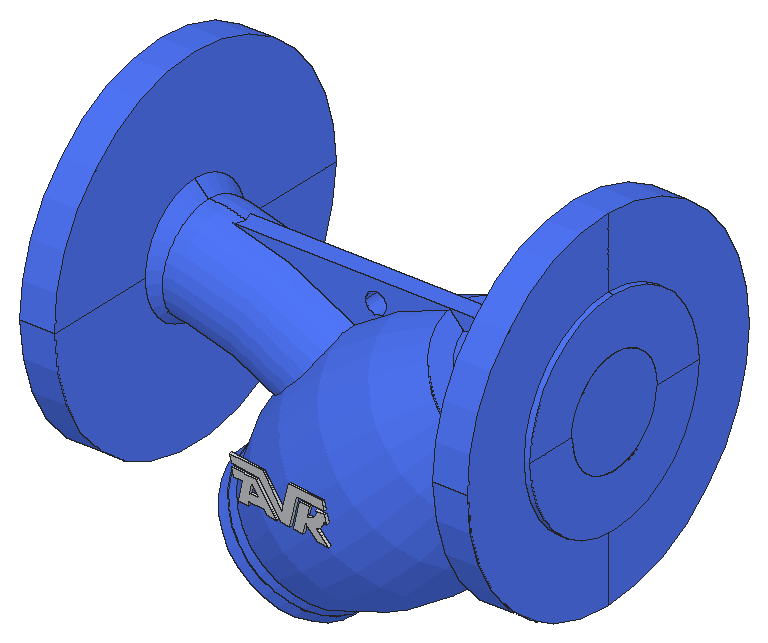
Revit family "910-21-001", category Pipe Accessories, Revit 2019
Family settings
  Round Connector Dimension = Use Diameter
  Part Type = Valve - Breaks Into
  Work Plane-Based = No
  Always vertical = Yes
  Cut with Voids When Loaded = No
  Shared = No
Parameters (values of type "DN050")
  URL product pages = "https://www.avkvalves.com"
  Search_Table = "910-21-001"
  Rib_Thickness = (L5 / 2)  # 9.5 mm
  Rib_Height = Nominal_Diameter - 10 mm  # 40 mm
  Radius = size_lookup(Search_Table, "Radius", 0 mm, Nominal_Diameter)  # 130 mm
  RF_Thick = 3 mm  # constant formula
  RF = D - (size_lookup(Search_Table, "RF", 0 mm, Nominal_Diameter))  # 49.5 mm
  L_Ref = L * 1.2  # 259.2 mm
  L5 = size_lookup(Search_Table, "L5", 0 mm, Nominal_Diameter)  # 19 mm
  L2 = L / 2  # 108 mm
  L = size_lookup(Search_Table, "L", 0 mm, Nominal_Diameter)  # 216 mm
  ID = size_lookup(Search_Table, "DN", 0 mm, Nominal_Diameter) / 2  # 25 mm
  Hole = size_lookup(Search_Table, "Hole", 0 mm, Nominal_Diameter)  # 10 mm
  H = size_lookup(Search_Table, "H", 0 mm, Nominal_Diameter)  # 161 mm
  Flange_Thickness_gap = 0.2 mm  # constant formula
  Distance_4 = size_lookup(Search_Table, "Distance_4", 0 mm, Nominal_Diameter)  # 85 mm
  Distance_3 = size_lookup(Search_Table, "Distance_3", 0 mm, Nominal_Diameter)  # 7.5 mm
  Distance_2 = size_lookup(Search_Table, "Distance_2", 0 mm, Nominal_Diameter)  # 60 mm
  Distance_1 = size_lookup(Search_Table, "Distance_1", 0 mm, Nominal_Diameter)  # 30 mm
  Dia_1 = size_lookup(Search_Table, "Dia_1", 0 mm, Nominal_Diameter)  # 37.5 mm
  Description_ = "AVK Y-STRAINER"
  DN80_PN10/16 = "910-0080-21-011020004"
  DN80 = no
  DN65_PN10/16 = "910-0065-21-011020004"
  DN65 = no
  DN600_PN16 = "910-0600-21-311020004"
  DN600_PN10 = "910-0600-21-011020004"
  DN600 = no
  DN50_PN10/16 = "910-0050-21-011020004"
  DN500_PN16 = "910-0500-21-311020004"
  DN500_PN10 = "910-0500-21-011020004"
  DN500 = no
  DN50 = yes
  DN450_PN16 = "910-0450-21-311020004"
  DN450_PN10 = "910-0450-21-011020004"
  DN450 = no
  DN400_PN16 = "910-0400-21-311020004"
  DN400_PN10 = "910-0400-21-011020004"
  DN400 = no
  DN350_PN16 = "910-0350-21-311020004"
  DN350_PN10 = "910-0350-21-011020004"
  DN350 = no
  DN300_PN16 = "910-0300-21-311020004"
  DN300_PN10 = "910-0300-21-011020004"
  DN300 = no
  DN250_PN16 = "910-0250-21-311020004"
  DN250_PN10 = "910-0250-21-011020004"
  DN250 = no
  DN200_PN16 = "910-0200-21-311020004"
  DN200_PN10 = "910-0200-21-011020004"
  DN200 = no
  DN150_PN10/16 = "910-0150-21-011020004"
  DN150 = no
  DN125_PN10/16 = "910-0125-21-011020004"
  DN125 = no
  DN100_PN10/16 = "910-0100-21-011020004"
  DN100 = no
  Nominal_Diameter = 50 mm
  DN = 50 mm
  D = size_lookup(Search_Table, "D", 0 mm, Nominal_Diameter) / 2  # 82.5 mm
  Bottom_Flange_Tickness = size_lookup(Search_Table, "Bottom_Flange_Tickness", 0 mm, Nominal_Diameter)  # 6 mm
  Bottom_Flange = size_lookup(Search_Table, "Bottom_Flange", 0 mm, Nominal_Diameter)  # 37 mm
Types (15, lengths in mm): name | URL product pages | Rib_Thickness | Rib_Height | Radius | RF | L_Ref | L5 | L2 | L | ID | Hole | H | Distance_4 | Distance_3 | Distance_2 | Distance_1 | Dia_1 | DN80 | DN600 | DN500 | DN50 | DN450 | DN400 | DN350 | DN300 | DN250 | DN150 | DN125 | DN100 | Nominal_Diameter | DN | D | Bottom_Flange_Tickness | Bottom_Flange
  (no name) | "https://www.avkvalves.com" | 9.5 | 40 | 130 | 49.5 | 259.2 | 19 | 108 | 216 | 25 | 10 | 161 | 85 | 7.5 | 60 | 30 | 37.5 | no | no | no | yes | no | no | no | no | no | no | no | no | 50 | 50 | 82.5 | 6 | 37
  DN100 | "https://www.avkvalves.com" | 9.5 | 90 | 250 | 78 | 366 | 19 | 152.5 | 305 | 50 | 20 | 234 | 151 | 21 | 50 | 45 | 63 | no | no | no | no | no | no | no | no | no | no | no | yes | 100 | 100 | 115 | 13 | 74
  DN065 | "https://www.avkvalves.com" | 9.5 | 55 | 180 | 59 | 289.2 | 19 | 120.5 | 241 | 32.5 | 10 | 161 | 104 | 10 | 54 | 50 | 45 | no | no | no | yes | no | no | no | no | no | no | no | no | 65 | 65 | 92.5 | 8 | 50
  DN080 | "https://www.avkvalves.com" | 9.5 | 70 | 210 | 66 | 339.6 | 19 | 141.5 | 283 | 40 | 15 | 191 | 124 | 15 | 64 | 30 | 52.5 | yes | no | no | no | no | no | no | no | no | no | no | no | 80 | 80 | 100 | 12 | 53
  DN125 | "https://www.avkvalves.com\r\nhttps://www.avkvalves.com\r\n https://www.avkvalves.com" | 9.5 | 115 | 270 | 92 | 457.2 | 19 | 190.5 | 381 | 62.5 | 25 | 260 | 147 | 30 | 65 | 65 | 76 | no | no | no | no | no | no | no | no | no | no | yes | no | 125 | 125 | 125 | 19 | 81
  DN150 | "https://www.avkvalves.com" | 9.5 | 140 | 300 | 105.5 | 483.6 | 19 | 201.5 | 403 | 75 | 25 | 310 | 208 | 10 | 100 | 60 | 88.5 | no | no | no | no | no | no | no | no | no | yes | no | no | 150 | 150 | 142.5 | 23 | 90
  DN200 | "https://www.avkvalves.com" | 10 | 190 | 320 | 133 | 625.2 | 20 | 260.5 | 521 | 100 | 35 | 402 | 256.5 | 30 | 100 | 110 | 115 | no | no | no | no | no | no | no | no | yes | no | no | no | 200 | 200 | 170 | 25 | 120
  DN250 | "https://www.avkvalves.com" | 11 | 240 | 550 | 159.5 | 762 | 22 | 317.5 | 635 | 125 | 40 | 484 | 300 | 40 | 130 | 170 | 145 | no | no | no | no | no | no | no | no | yes | no | no | no | 250 | 250 | 202.5 | 20 | 161
  DN300 | "https://www.avkvalves.com" | 12.25 | 290 | 640 | 197.5 | 898.8 | 24.5 | 374.5 | 749 | 150 | 45 | 576 | 370 | 50 | 130 | 170 | 171.5 | no | no | no | no | no | no | no | yes | no | no | no | no | 300 | 300 | 242.5 | 20 | 195
  DN350 | "https://www.avkvalves.com\r\nhttps://www.avkvalves.com\r\nhttps://www.avkvalves.com" | 13.25 | 340 | 650 | 218 | 914.4 | 26.5 | 381 | 762 | 175 | 50 | 660 | 428 | 50 | 130 | 170 | 210 | no | no | no | no | no | no | yes | no | no | no | no | no | 350 | 350 | 260 | 32 | 225
  DN450 | "https://www.avkvalves.com" | 15 | 440 | 750 | 274 | 1096.8 | 30 | 457 | 914 | 225 | 60 | 810 | 550 | 65 | 150 | 200 | 241.5 | no | no | no | no | yes | no | no | no | no | no | no | no | 450 | 450 | 320 | 23 | 290
  DN500 | "https://www.avkvalves.com\r\nhttps://www.avkvalves.com" | 15.75 | 490 | 800 | 305 | 1189.2 | 31.5 | 495.5 | 991 | 250 | 65 | 883 | 600 | 65 | 170 | 230 | 270 | no | no | yes | no | no | no | no | no | no | no | no | no | 500 | 500 | 357.5 | 23 | 323
  DN600 | "https://www.avkvalves.com" | 18 | 590 | 850 | 363.5 | 1371.6 | 36 | 571.5 | 1143 | 300 | 70 | 1020 | 675 | 70 | 190 | 260 | 320 | no | yes | no | no | no | no | no | no | no | no | no | no | 600 | 600 | 420 | 32 | 397
  DN400 | "https://www.avkvalves.com" | 14 | 390 | 700 | 244 | 1005.6 | 28 | 419 | 838 | 200 | 55 | 740 | 500 | 50 | 130 | 170 | 226 | no | no | no | no | no | yes | yes | no | no | no | no | no | 400 | 400 | 290 | 26 | 280
  DN050 | "https://www.avkvalves.com" | 9.5 | 40 | 130 | 49.5 | 259.2 | 19 | 108 | 216 | 25 | 10 | 161 | 85 | 7.5 | 60 | 30 | 37.5 | no | no | no | yes | no | no | no | no | no | no | no | no | 50 | 50 | 82.5 | 6 | 37
Reference planes
  plane 1 "Center (Front/Back)": y = 0
  plane 2: z = 0
  plane 3 "Center (Left/Right)": x = 0
  plane 4: x = -108
  plane 5: x = 108
  plane 6: x = -108
  plane 7: x = 108
  plane 8: x = -30
  plane 9: z = -7.5
  plane 10: z = -92.5
  plane 11: x = 60
  plane 12: z = -161
  plane 13: y = 4.75
  plane 14: y = -4.75
  plane 15: z = -127.63
  plane 16: x = -30
  plane 17: x = 60
  plane 18: z = -7.5
  plane 19: z = -92.5
  plane 20: x = -129.6
  plane 21: x = 129.6
  plane 22: x = -129.6
  plane 23: x = 129.6
  plane 24: z = 82.5
  plane 25: z = -82.5
Forms (mm)
  Revolve 1, solid, material "Plastic"
    sketch origin (0, 0, 0) x (1, 0, 0) y (0, 1, 0)
      loop
        line (-108, 82.5) -> (-108, 25) -> (-89, 25) -> (-89, 82.5) -> (-108, 82.5)
      loop
        line (89, 82.5) -> (89, 25) -> (108, 25) -> (108, 82.5) -> (89, 82.5)
      axis (-108, 0) -> (108, 0)
    angle from 0 to 360
  Sweep 2, solid, material "Plastic"
    path origin (0, 0, 0) x (1, 0, 0) y (0, 0, 1)
      loop
        arc (108, 0) -> (49.881, -10.071) -> (0, -41.554) r 151.654
    profile origin (49.881, 0, -10.071) x (0.359094, 0, -0.933301) y (0, -1, 0)
      loop
        circle (0, 0) r 25
  Sweep 3, solid, material "Plastic"
    path origin (0, 0, 0) x (-1, 0, 0) y (0, 0, 1)
      loop
        arc (108, 0) -> (49.881, -10.071) -> (0, -41.554) r 151.654
    profile origin (-49.881, 0, -10.071) x (0.359094, 0, 0.933301) y (0, -1, 0)
      loop
        circle (0, 0) r 25
  Revolve 4, solid, material "Plastic"
    sketch origin (0, 0, 0) x (1, 0, 0) y (0, 0, 1)
      loop
        line (-30, -92.5) -> (-4.252, -119.763)
        arc (-4.252, -119.763) -> (51.516, -88.664) -> (85.748, -34.763) r 130
        line (85.748, -34.763) -> (60, -7.5) -> (-30, -92.5)
      axis (60, -7.5) -> (-30, -92.5)
    angle from 0 to 360
  Extrusion 5, solid, material "Plastic"
    sketch origin (0, 0, 0) x (1, 0, 0) y (0, 0, 1)
      loop
        line (-108, -20) -> (108.604, -20) -> (108.604, 20) -> (-108, 20) -> (-108, -20)
    from -4.75 to 4.75
  Revolve 6, solid, material "Plastic"
    sketch origin (0, 0, 0) x (1, 0, 0) y (0, 0, 1)
      loop
        line (-30, -92.5) -> (-34.362, -96.62) -> (-8.957, -123.519) -> (-4.595, -119.399) -> (-30, -92.5)
      loop
        line (-9.102, -123.657) -> (-34.507, -96.757) -> (-38.87, -100.877) -> (-13.464, -127.776) -> (-9.102, -123.657)
      axis (-30, -92.5) -> (-38.87, -100.877)
    angle from 0 to 360
  Revolve 7, void
    sketch origin (0, 0, 0) x (1, 0, 0) y (0, 0, 1)
      loop
        line (105, 94.5) -> (105, 49.5) -> (129.6, 49.5) -> (129.6, 94.5) -> (105, 94.5)
      loop
        line (-129.6, 94.5) -> (-129.6, 49.5) -> (-105, 49.5) -> (-105, 94.5) -> (-129.6, 94.5)
      axis (-129.6, 0) -> (129.6, 0)
    angle from 0 to 360
  Revolve 8, void
    sketch origin (0, 0, 0) x (1, 0, 0) y (0, 0, 1)
      loop
        line (89, 25) -> (89, 0) -> (129.6, 0) -> (129.6, 25) -> (89, 25)
      loop
        line (-89, 25) -> (-129.6, 25) -> (-129.6, 0) -> (-89, 0) -> (-89, 25)
      axis (-129.6, 0) -> (129.6, 0)
    angle from 0 to 360
  Extrusion 9, void
    sketch origin (0, 0, 0) x (1, 0, 0) y (0, 0, 1)
      loop
        circle (0, 10) r 5
    from -4.75 to 4.75
  Revolve 10, solid, material "Plastic"
    sketch origin (0, 0, 0) x (1, 0, 0) y (0, 0, 1)
      loop
        line (-89, 29.5) -> (-89, 20) -> (-79.5, 20) -> (-89, 29.5)
      loop
        line (89, 29.5) -> (79.5, 20) -> (89, 20) -> (89, 29.5)
      axis (-89, 0) -> (89, 0)
    angle from 0 to 360
Cuts and joins
  Revolve 7, Revolve 8 cuts Revolve 1
  Revolve 8, Extrusion 9 cuts Extrusion 5
Dimensions and locks
  equal spacing: plane 4, plane 3 "Center (Left/Right)", plane 5
  "L": plane 4 to plane 5
  "ID": Revolve 1 sketch curve to plane 1 "Center (Front/Back)"
  "D": plane 1 "Center (Front/Back)" to Revolve 1 sketch curve
  "L2": plane 6 to plane 3 "Center (Left/Right)"
  "L2": plane 7 to plane 3 "Center (Left/Right)"
  "Distance_3": level to plane 9
  "Distance_4": plane 9 to plane 10
  "Distance_1": plane 8 to plane 3 "Center (Left/Right)"
  "Distance_2": plane 11 to plane 3 "Center (Left/Right)"
  "L5": Revolve 1 sketch curve to Revolve 1 sketch curve  (x2)
  "Dia_1": Revolve 4 sketch curve to Revolve 4 sketch curve  (x2)
  "H": level to plane 12
  equal spacing: plane 13, plane 1 "Center (Front/Back)", plane 14
  "Rib_Thickness": plane 13 to plane 14
  equal spacing: Extrusion 5 sketch curve, level, Extrusion 5 sketch curve
  "Rib_Height": Extrusion 5 sketch curve to Extrusion 5 sketch curve
  level to plane 15 = 127.63 mm
  "Distance_3": level to plane 18
  "Distance_4": plane 18 to plane 19
  "Distance_1": plane 3 "Center (Left/Right)" to plane 16
  "Distance_2": plane 17 to plane 3 "Center (Left/Right)"
  "Bottom_Flange_Tickness": Revolve 4 to Revolve 6 sketch curve
  "Bottom_Flange": Revolve 6 sketch curve to Revolve 6 sketch curve
  "RF": Revolve 7 sketch curve to level
  equal spacing: plane 21, plane 3 "Center (Left/Right)", plane 20
  "L_Ref": plane 21 to plane 20
  "RF_Thick": Revolve 1 to Revolve 7 sketch curve  (x2)
  equal spacing: plane 23, plane 3 "Center (Left/Right)", plane 22
  "L_Ref": plane 23 to plane 22
  "ID": Revolve 8 sketch curve to Revolve 8 sketch curve  (x2)
  "Hole": cut or joined group of Extrusion 5, Revolve 8, Extrusion 9 to Extrusion 9 sketch curve
  "L2": Extrusion 9 sketch curve to cut or joined group of Revolve 1, Revolve 7, Revolve 8
  "Rib_Thickness": Revolve 10 sketch curve to Revolve 10 sketch curve  (x4)
  "Bottom_Flange_Tickness": Revolve 6 sketch curve to Revolve 6 sketch curve
  "Flange_Thickness_gap": Revolve 6 sketch curve to Revolve 6 sketch curve
  cut or joined group of Revolve 1, Revolve 7, Revolve 8 to cut or joined group of Revolve 1, Revolve 7, Revolve 8 = 19 mm
  cut or joined group of Revolve 1, Revolve 7, Revolve 8 to cut or joined group of Revolve 1, Revolve 7, Revolve 8 = 216 mm
  equal spacing: plane 24, level, plane 25
  "D": plane 24 to level
  plane 24 to plane 25 = 165 mm
  "ID": radius of Sweep 3 sketch curve
  "ID": radius of Sweep 2 sketch curve
  "Radius": radius of Revolve 4 sketch curve
  "Hole": diameter of Extrusion 9 sketch curve
  aligned and locked: level to plane 2
  aligned and locked: plane 4 to Revolve 1 sketch curve
  aligned and locked: plane 5 to Revolve 1 sketch curve
  aligned and locked: Revolve 1 sketch curve to Revolve 1 sketch curve  (x2)
  aligned and locked: plane 1 "Center (Front/Back)" to Revolve 1 sketch curve
  aligned and locked: level to Sweep 3 sketch curve
  aligned and locked: plane 3 "Center (Left/Right)" to Sweep 3 sketch curve
  aligned and locked: plane 6 to Sweep 3 sketch curve
  aligned and locked: plane 3 "Center (Left/Right)" to Sweep 2 sketch curve
  aligned and locked: level to Sweep 2 sketch curve
  aligned and locked: plane 7 to Sweep 2 sketch curve
  aligned and locked: plane 8 to Revolve 4 sketch curve
  aligned and locked: plane 10 to Revolve 4 sketch curve  (x2)
  aligned and locked: plane 9 to Revolve 4 sketch curve  (x2)
  aligned and locked: plane 11 to Revolve 4 sketch curve
  aligned and locked: Revolve 4 sketch curve to Revolve 4 sketch curve
  aligned and locked: Revolve 1 to Extrusion 5 sketch curve
  aligned and locked: Extrusion 5 sketch curve to Sweep 2
  aligned and locked: plane 13 to Extrusion 5
  aligned and locked: Extrusion 5 to plane 14
  aligned and locked: plane 18 to Revolve 6 sketch curve
  aligned and locked: plane 17 to Revolve 6 sketch curve
  aligned and locked: plane 19 to Revolve 6 sketch curve
  aligned and locked: Revolve 6 sketch curve to Revolve 6 sketch curve  (x4)
  aligned and locked: Revolve 6 sketch curve to Revolve 4
  aligned and locked: Revolve 7 sketch curve to Revolve 7 sketch curve
  aligned and locked: plane 20 to Revolve 7 sketch curve
  aligned and locked: Revolve 7 sketch curve to plane 21
  aligned and locked: Revolve 7 sketch curve to plane 2
  aligned and locked: Revolve 8 sketch curve to cut or joined group of Revolve 1, Revolve 7, Revolve 8  (x2)
  aligned and locked: plane 23 to Revolve 8 sketch curve
  aligned and locked: level to Revolve 8 sketch curve
  aligned and locked: plane 22 to Revolve 8 sketch curve
  aligned and locked: Revolve 8 sketch curve to level
  aligned and locked: Revolve 8 sketch curve to plane 2
  aligned and locked: Extrusion 5 to Extrusion 9  (x2)
  aligned and locked: Revolve 10 sketch curve to cut or joined group of Revolve 1, Revolve 7, Revolve 8  (x2)
  aligned and locked: cut or joined group of Extrusion 5, Revolve 8, Extrusion 9 to Revolve 10 sketch curve
  aligned and locked: Revolve 10 sketch curve to plane 2
  aligned and locked: Revolve 10 sketch curve to cut or joined group of Extrusion 5, Revolve 8, Extrusion 9
Automatic sketch dimensions
  Revolve 1 sketch curve to plane 3 "Center (Left/Right)" = 31 mm
  plane 3 "Center (Left/Right)" to Revolve 1 sketch curve = 48 mm
  plane 7 to Sweep 2 sketch curve = 3.661 mm
  plane 12 to Sweep 2 sketch curve = 9.39 mm
  Sweep 2 sketch curve to plane 1 "Center (Front/Back)" = 0 mm
  Sweep 2 sketch curve to profile plane = 0 mm
  plane 6 to Sweep 3 sketch curve = 3.661 mm
  Sweep 3 sketch curve to plane 12 = 9.39 mm
  Sweep 3 sketch curve to plane 1 "Center (Front/Back)" = 0 mm
  Sweep 3 sketch curve to profile plane = 0 mm
  Revolve 8 sketch curve to plane 3 "Center (Left/Right)" = 34 mm
  plane 3 "Center (Left/Right)" to Revolve 8 sketch curve = 41 mm
  Revolve 10 sketch curve to plane 3 "Center (Left/Right)" = 11.629 mm
  plane 3 "Center (Left/Right)" to Revolve 10 sketch curve = 18.371 mm
  Revolve 7 sketch curve to plane 24 = 12 mm  (x2)
  Revolve 7 sketch curve to plane 3 "Center (Left/Right)" = 30 mm
  plane 3 "Center (Left/Right)" to Revolve 7 sketch curve = 35 mm
Nested families
  nested 1: "LOGO" at (-4.285, -49.242, -74.566) x (0.9939, -0.1077, -0.0243) z (-0.1105, -0.9671, -0.2291), visible <- "DN50", type "LOGO"
  nested 2: "LOGO 80" at (-16.208, -27.929, -110.86) x (0.9975, 0.0617, -0.0336) z (0.0166, -0.6725, -0.74), type "LOGO 80"
    with DN80 no
  nested 3: "LOGO 100" at (-27.317, -15.96, -119.556) x (0.9932, 0.1024, -0.0549) z (0.0003, -0.4748, -0.8801), type "LOGO 100"
    with DN100 no
  nested 4: "LOGO 125" at (-26.394, -10.37, -121.951) x (0.9716, 0.2353, -0.0231) z (0.0538, -0.3151, -0.9475), type "LOGO 125"
    with DN125 no
  nested 5: "LOGO 150" at (-15.721, 3.624, -122.096) x (0.7662, 0.6138, 0.1901) z (0.1667, 0.0958, -0.9813), type "LOGO 150"
    with DN150 no
  nested 6: "LOGO 200" at (-108.5, -22.909, -104.661) x (0.6885, -0.4644, -0.5571) z (-0.5883, 0.0916, -0.8034), type "LOGO 200"
    with DN200 no
  nested 7: "LOGO 250" at (-119.645, -49.708, -96.767) x (0.6676, -0.2358, -0.7062) z (-0.7267, 0.0004, -0.687), type "LOGO 250"
    with DN250 no
  nested 8: "LOGO 300" at (-19.637, -0.858, -202.099) x (-0.3378, 0.8902, 0.3057) z (-0.6722, -0.0008, -0.7404), type "LOGO 300"
    with DN300 no
  nested 9: "LOGO 350" at (38.806, 139.769, -187.141) x (-0.6817, 0.5389, 0.4948) z (-0.0761, 0.6205, -0.7805), type "LOGO 350"
    with DN350 no
  nested 10: "LOGO 400" at (-19.343, 189.45, -106.171) x (-0.7981, -0.0039, 0.6025) z (-0.301, 0.8688, -0.3931), type "LOGO 400"
    with DN400 no
  nested 11: "LOGO 450" at (-59.54, 185.918, -0.999) x (-0.7302, -0.4416, 0.5214) z (-0.4017, 0.8947, 0.1952), type "LOGO 450"
    with DN450 no
  nested 12: "LOGO 500" at (-91.497, 117.087, 82.709) x (-0.5219, -0.7995, 0.2974) z (-0.4853, 0.565, 0.6673), type "LOGO 500"
    with DN500 no
  nested 13: "LOGO 600" at (-52.909, 138.351, 83.87) x (-0.6212, -0.6682, 0.4094) z (-0.2298, 0.6548, 0.72), type "LOGO 600"
    with DN600 no
Connectors
  piping at (108, 0, 0), diameter 50, driven by "DN"
    settings: on Revolve 1, index 1, connector inside diameter 609.6 mm, connector length 0 mm, flow factor 0, pipe flow 0.0 L/s, pressure drop 0.0 Pa, fitting loss kfactor 0, connector angle 0.00°, fixture units 0, engagement length 0 mm, angle of deflection 0.00°, flow configuration 0, flow direction 0, fitting loss method 0, system type 7, joint type 0, gender type 0, connector reference index -1, connector utility 0, adjustable connector no, is connector primary yes, connector description ""
  piping at (-108, 0, 12.417), diameter 50, driven by "DN"
    settings: on cut or joined group of Revolve 1, Revolve 7, Revolve 8, index 2, connector inside diameter 609.6 mm, connector length 0 mm, flow factor 0, pipe flow 0.0 L/s, pressure drop 0.0 Pa, fitting loss kfactor 0, connector angle 0.00°, fixture units 0, engagement length 0 mm, angle of deflection 0.00°, flow configuration 0, flow direction 0, fitting loss method 0, system type 7, joint type 0, gender type 0, connector reference index -1, connector utility 0, adjustable connector no, is connector primary no, connector description ""
Definition of nested family "LOGO"
  Parameters (values of type "LOGO")
    Default Elevation = 1219.2 mm
    DN50 = yes
  Reference planes
    plane 1 "Center (Front/Back)": y = 0
    plane 2: z = 0
    plane 3 "Center (Left/Right)": x = 0
  Forms (mm)
    Extrusion 1, solid, visible <- "DN50"
      sketch origin (0, 0, 0) x (1, 0, 0) y (0, 1, 0)
        loop
          line (-1219.2, 1219.2) -> (-1219.2, -1219.2) -> (1219.2, -1219.2) -> (1219.2, 1219.2) -> (-1219.2, 1219.2)
      from 0 to -304.8
    Extrusion 2, solid, visible <- "DN50"
      sketch origin (0, 0, 0) x (1, 0, 0) y (0, 1, 0)
        loop
          line (-6.514, 34.224) -> (-24, 34.224) -> (-24, 29.481) -> (-9.766, 29.481) -> (-2.391, 11.367) -> (2.391, 11.367) -> (9.766, 29.481) -> (24, 29.481) -> (24, 34.224) -> (6.514, 34.224) -> (0, 18.224) -> (-6.514, 34.224)
        loop
          line (-10.996, 27.653) -> (-24, 27.653) -> (-24, 23.081) -> (-19.503, 23.081) -> (-24, 11.367) -> (-18.92, 11.367) -> (-17.955, 13.881) -> (-10.51, 13.881) -> (-9.486, 11.367) -> (-4.365, 11.367) -> (-10.996, 27.653)
        loop
          line (-16.777, 18.224) -> (-12.278, 18.224) -> (-14.594, 23.912) -> (-16.777, 18.224)
        loop
          line (4.365, 11.367) -> (9.486, 11.367) -> (12.093, 17.77) -> (16.918, 11.367) -> (22.857, 11.367) -> (17.399, 18.61)
          arc (17.399, 18.61) -> (20.583, 20.18) -> (22.629, 23.081) r 7.2
          line (22.629, 23.081) -> (24, 23.081) -> (24, 27.653) -> (19.429, 27.653)
          arc (19.429, 27.653) -> (17.763, 23.526) -> (13.699, 21.714) r 5.943
          line (13.699, 21.714) -> (16.117, 27.653) -> (10.996, 27.653) -> (4.365, 11.367)
      from 0 to 1
  Dimensions and locks
    aligned and locked: plane 2 to Extrusion 1
    aligned and locked: level to Extrusion 1
    aligned and locked: Extrusion 2 sketch curve to import instance
Definition of nested family "LOGO 80"
  Parameters (values of type "LOGO 80")
    Default Elevation = 1219.2 mm
    DN80 = yes
  Reference planes
    plane 1 "Center (Front/Back)": y = 0
    plane 2: z = 0
    plane 3 "Center (Left/Right)": x = 0
  Forms (mm)
    Extrusion 1, solid
      sketch origin (0, 0, 0) x (1, 0, 0) y (0, 1, 0)
        loop
          line (-1219.2, 1219.2) -> (-1219.2, -1219.2) -> (1219.2, -1219.2) -> (1219.2, 1219.2) -> (-1219.2, 1219.2)
      from 0 to -304.8
    Extrusion 2, solid, visible <- "DN80"
      sketch origin (0, 0, 0) x (1, 0, 0) y (0, 1, 0)
        loop
          line (-13.414, 47.067) -> (-49.421, 47.067) -> (-49.421, 37.301) -> (-20.11, 37.301) -> (-4.923, 0) -> (4.923, 0) -> (20.11, 37.301) -> (49.421, 37.301) -> (49.421, 47.067) -> (13.414, 47.067) -> (0, 14.12) -> (-13.414, 47.067)
        loop
          line (-49.421, 24.122) -> (-40.161, 24.122) -> (-49.421, 0) -> (-38.959, 0) -> (-36.972, 5.177) -> (-21.641, 5.177) -> (-19.533, 0) -> (-8.989, 0) -> (-22.642, 33.536) -> (-49.421, 33.536) -> (-49.421, 24.122)
        loop
          line (-34.548, 14.12) -> (-25.282, 14.12) -> (-30.051, 25.833) -> (-34.548, 14.12)
        loop
          line (22.642, 33.536) -> (8.989, 0) -> (19.533, 0) -> (24.902, 13.186) -> (34.838, 0) -> (47.067, 0) -> (35.829, 14.914)
          arc (35.829, 14.914) -> (42.384, 18.149) -> (46.597, 24.122) r 14.826
          line (46.597, 24.122) -> (49.421, 24.122) -> (49.421, 33.536) -> (40.007, 33.536)
          arc (40.007, 33.536) -> (36.577, 25.039) -> (28.208, 21.306) r 12.238
          line (28.208, 21.306) -> (33.187, 33.536) -> (22.642, 33.536)
      from 0 to 1
  Dimensions and locks
    aligned and locked: plane 2 to Extrusion 1
    aligned and locked: level to Extrusion 1
Definition of nested family "LOGO 100"
  Parameters (values of type "LOGO 100")
    Default Elevation = 1219.2 mm
    DN100 = yes
  Reference planes
    plane 1 "Center (Front/Back)": y = 0
    plane 2: z = 0
    plane 3 "Center (Left/Right)": x = 0
  Forms (mm)
    Extrusion 1, solid
      sketch origin (0, 0, 0) x (1, 0, 0) y (0, 1, 0)
        loop
          line (-1219.2, 1219.2) -> (-1219.2, -1219.2) -> (1219.2, -1219.2) -> (1219.2, 1219.2) -> (-1219.2, 1219.2)
      from 0 to -304.8
    Extrusion 2, solid, visible <- "DN100"
      sketch origin (0, 0, 0) x (1, 0, 0) y (0, 1, 0)
        loop
          line (-13.414, 47.067) -> (-49.421, 47.067) -> (-49.421, 37.301) -> (-20.11, 37.301) -> (-4.923, 0) -> (4.923, 0) -> (20.11, 37.301) -> (49.421, 37.301) -> (49.421, 47.067) -> (13.414, 47.067) -> (0, 14.12) -> (-13.414, 47.067)
        loop
          line (-49.421, 24.122) -> (-40.161, 24.122) -> (-49.421, 0) -> (-38.959, 0) -> (-36.972, 5.177) -> (-21.641, 5.177) -> (-19.533, 0) -> (-8.989, 0) -> (-22.642, 33.536) -> (-49.421, 33.536) -> (-49.421, 24.122)
        loop
          line (-34.548, 14.12) -> (-25.282, 14.12) -> (-30.051, 25.833) -> (-34.548, 14.12)
        loop
          line (22.642, 33.536) -> (8.989, 0) -> (19.533, 0) -> (24.902, 13.186) -> (34.838, 0) -> (47.067, 0) -> (35.829, 14.914)
          arc (35.829, 14.914) -> (42.384, 18.149) -> (46.597, 24.122) r 14.826
          line (46.597, 24.122) -> (49.421, 24.122) -> (49.421, 33.536) -> (40.007, 33.536)
          arc (40.007, 33.536) -> (36.577, 25.039) -> (28.208, 21.306) r 12.238
          line (28.208, 21.306) -> (33.187, 33.536) -> (22.642, 33.536)
      from 0 to 1
  Dimensions and locks
    aligned and locked: plane 2 to Extrusion 1
    aligned and locked: level to Extrusion 1
Definition of nested family "LOGO 125"
  Parameters (values of type "LOGO 125")
    Default Elevation = 1219.2 mm
    DN125 = yes
  Reference planes
    plane 1 "Center (Front/Back)": y = 0
    plane 2: z = 0
    plane 3 "Center (Left/Right)": x = 0
  Forms (mm)
    Extrusion 1, solid
      sketch origin (0, 0, 0) x (1, 0, 0) y (0, 1, 0)
        loop
          line (-1219.2, 1219.2) -> (-1219.2, -1219.2) -> (1219.2, -1219.2) -> (1219.2, 1219.2) -> (-1219.2, 1219.2)
      from 0 to -304.8
    Extrusion 2, solid, visible <- "DN125"
      sketch origin (0, 0, 0) x (1, 0, 0) y (0, 1, 0)
        loop
          line (-13.414, 47.067) -> (-49.421, 47.067) -> (-49.421, 37.301) -> (-20.11, 37.301) -> (-4.923, 0) -> (4.923, 0) -> (20.11, 37.301) -> (49.421, 37.301) -> (49.421, 47.067) -> (13.414, 47.067) -> (0, 14.12) -> (-13.414, 47.067)
        loop
          line (-49.421, 24.122) -> (-40.161, 24.122) -> (-49.421, 0) -> (-38.959, 0) -> (-36.972, 5.177) -> (-21.641, 5.177) -> (-19.533, 0) -> (-8.989, 0) -> (-22.642, 33.536) -> (-49.421, 33.536) -> (-49.421, 24.122)
        loop
          line (-34.548, 14.12) -> (-25.282, 14.12) -> (-30.051, 25.833) -> (-34.548, 14.12)
        loop
          line (22.642, 33.536) -> (8.989, 0) -> (19.533, 0) -> (24.902, 13.186) -> (34.838, 0) -> (47.067, 0) -> (35.829, 14.914)
          arc (35.829, 14.914) -> (42.384, 18.149) -> (46.597, 24.122) r 14.826
          line (46.597, 24.122) -> (49.421, 24.122) -> (49.421, 33.536) -> (40.007, 33.536)
          arc (40.007, 33.536) -> (36.577, 25.039) -> (28.208, 21.306) r 12.238
          line (28.208, 21.306) -> (33.187, 33.536) -> (22.642, 33.536)
      from 0 to 1
  Dimensions and locks
    aligned and locked: plane 2 to Extrusion 1
    aligned and locked: level to Extrusion 1
Definition of nested family "LOGO 150"
  Parameters (values of type "LOGO 150")
    Default Elevation = 1219.2 mm
    DN150 = yes
  Reference planes
    plane 1 "Center (Front/Back)": y = 0
    plane 2: z = 0
    plane 3 "Center (Left/Right)": x = 0
  Forms (mm)
    Extrusion 1, solid
      sketch origin (0, 0, 0) x (1, 0, 0) y (0, 1, 0)
        loop
          line (-1219.2, 1219.2) -> (-1219.2, -1219.2) -> (1219.2, -1219.2) -> (1219.2, 1219.2) -> (-1219.2, 1219.2)
      from 0 to -304.8
    Extrusion 2, solid, visible <- "DN150"
      sketch origin (0, 0, 0) x (1, 0, 0) y (0, 1, 0)
        loop
          line (-13.414, 47.067) -> (-49.421, 47.067) -> (-49.421, 37.301) -> (-20.11, 37.301) -> (-4.923, 0) -> (4.923, 0) -> (20.11, 37.301) -> (49.421, 37.301) -> (49.421, 47.067) -> (13.414, 47.067) -> (0, 14.12) -> (-13.414, 47.067)
        loop
          line (-49.421, 24.122) -> (-40.161, 24.122) -> (-49.421, 0) -> (-38.959, 0) -> (-36.972, 5.177) -> (-21.641, 5.177) -> (-19.533, 0) -> (-8.989, 0) -> (-22.642, 33.536) -> (-49.421, 33.536) -> (-49.421, 24.122)
        loop
          line (-34.548, 14.12) -> (-25.282, 14.12) -> (-30.051, 25.833) -> (-34.548, 14.12)
        loop
          line (22.642, 33.536) -> (8.989, 0) -> (19.533, 0) -> (24.902, 13.186) -> (34.838, 0) -> (47.067, 0) -> (35.829, 14.914)
          arc (35.829, 14.914) -> (42.384, 18.149) -> (46.597, 24.122) r 14.826
          line (46.597, 24.122) -> (49.421, 24.122) -> (49.421, 33.536) -> (40.007, 33.536)
          arc (40.007, 33.536) -> (36.577, 25.039) -> (28.208, 21.306) r 12.238
          line (28.208, 21.306) -> (33.187, 33.536) -> (22.642, 33.536)
      from 0 to 1
  Dimensions and locks
    aligned and locked: plane 2 to Extrusion 1
    aligned and locked: level to Extrusion 1
Definition of nested family "LOGO 200"
  Parameters (values of type "LOGO 200")
    Default Elevation = 1219.2 mm
    DN200 = yes
  Reference planes
    plane 1 "Center (Front/Back)": y = 0
    plane 2: z = 0
    plane 3 "Center (Left/Right)": x = 0
  Forms (mm)
    Extrusion 1, solid
      sketch origin (0, 0, 0) x (1, 0, 0) y (0, 1, 0)
        loop
          line (-1219.2, 1219.2) -> (-1219.2, -1219.2) -> (1219.2, -1219.2) -> (1219.2, 1219.2) -> (-1219.2, 1219.2)
      from 0 to -304.8
    Extrusion 2, solid, visible <- "DN200"
      sketch origin (0, 0, 0) x (1, 0, 0) y (0, 1, 0)
        loop
          line (-17.198, 60.343) -> (-63.36, 60.343) -> (-63.36, 47.822) -> (-25.782, 47.822) -> (-6.312, 0) -> (6.312, 0) -> (25.782, 47.822) -> (63.36, 47.822) -> (63.36, 60.343) -> (17.198, 60.343) -> (0, 18.103) -> (-17.198, 60.343)
        loop
          line (-63.36, 42.994) -> (-63.36, 30.926) -> (-51.489, 30.926) -> (-63.36, 0) -> (-49.948, 0) -> (-47.4, 6.638) -> (-27.745, 6.638) -> (-25.043, 0) -> (-11.524, 0) -> (-29.029, 42.994) -> (-63.36, 42.994)
        loop
          line (-44.292, 18.103) -> (-32.413, 18.103) -> (-38.527, 33.12) -> (-44.292, 18.103)
        loop
          line (29.029, 42.994) -> (11.524, 0) -> (25.043, 0) -> (31.926, 16.905) -> (44.665, 0) -> (60.343, 0) -> (45.934, 19.121)
          arc (45.934, 19.121) -> (54.338, 23.268) -> (59.739, 30.926) r 19.008
          line (59.739, 30.926) -> (63.36, 30.926) -> (63.36, 42.994) -> (51.291, 42.994)
          arc (51.291, 42.994) -> (46.893, 32.101) -> (36.164, 27.315) r 15.689
          line (36.164, 27.315) -> (42.548, 42.994) -> (29.029, 42.994)
      from 0 to 1
  Dimensions and locks
    aligned and locked: plane 2 to Extrusion 1
    aligned and locked: level to Extrusion 1
Definition of nested family "LOGO 250"
  Parameters (values of type "LOGO 250")
    Default Elevation = 1219.2 mm
    DN250 = yes
  Reference planes
    plane 1 "Center (Front/Back)": y = 0
    plane 2: z = 0
    plane 3 "Center (Left/Right)": x = 0
  Forms (mm)
    Extrusion 1, solid
      sketch origin (0, 0, 0) x (1, 0, 0) y (0, 1, 0)
        loop
          line (-1219.2, 1219.2) -> (-1219.2, -1219.2) -> (1219.2, -1219.2) -> (1219.2, 1219.2) -> (-1219.2, 1219.2)
      from 0 to -304.8
    Extrusion 2, solid, visible <- "DN250"
      sketch origin (0, 0, 0) x (1, 0, 0) y (0, 1, 0)
        loop
          line (-17.198, 60.343) -> (-63.36, 60.343) -> (-63.36, 47.822) -> (-25.782, 47.822) -> (-6.312, 0) -> (6.312, 0) -> (25.782, 47.822) -> (63.36, 47.822) -> (63.36, 60.343) -> (17.198, 60.343) -> (0, 18.103) -> (-17.198, 60.343)
        loop
          line (-63.36, 42.994) -> (-63.36, 30.926) -> (-51.489, 30.926) -> (-63.36, 0) -> (-49.948, 0) -> (-47.4, 6.638) -> (-27.745, 6.638) -> (-25.043, 0) -> (-11.524, 0) -> (-29.029, 42.994) -> (-63.36, 42.994)
        loop
          line (-44.292, 18.103) -> (-32.413, 18.103) -> (-38.527, 33.12) -> (-44.292, 18.103)
        loop
          line (29.029, 42.994) -> (11.524, 0) -> (25.043, 0) -> (31.926, 16.905) -> (44.665, 0) -> (60.343, 0) -> (45.934, 19.121)
          arc (45.934, 19.121) -> (54.338, 23.268) -> (59.739, 30.926) r 19.008
          line (59.739, 30.926) -> (63.36, 30.926) -> (63.36, 42.994) -> (51.291, 42.994)
          arc (51.291, 42.994) -> (46.893, 32.101) -> (36.164, 27.315) r 15.689
          line (36.164, 27.315) -> (42.548, 42.994) -> (29.029, 42.994)
      from 0 to 1
  Dimensions and locks
    aligned and locked: plane 2 to Extrusion 1
    aligned and locked: level to Extrusion 1
Definition of nested family "LOGO 300"
  Parameters (values of type "LOGO 300")
    Default Elevation = 1219.2 mm
    DN300 = yes
  Reference planes
    plane 1 "Center (Front/Back)": y = 0
    plane 2: z = 0
    plane 3 "Center (Left/Right)": x = 0
  Forms (mm)
    Extrusion 1, solid
      sketch origin (0, 0, 0) x (1, 0, 0) y (0, 1, 0)
        loop
          line (-1219.2, 1219.2) -> (-1219.2, -1219.2) -> (1219.2, -1219.2) -> (1219.2, 1219.2) -> (-1219.2, 1219.2)
      from 0 to -304.8
    Extrusion 2, solid, visible <- "DN300"
      sketch origin (0, 0, 0) x (1, 0, 0) y (0, 1, 0)
        loop
          line (-17.198, 60.343) -> (-63.36, 60.343) -> (-63.36, 47.822) -> (-25.782, 47.822) -> (-6.312, 0) -> (6.312, 0) -> (25.782, 47.822) -> (63.36, 47.822) -> (63.36, 60.343) -> (17.198, 60.343) -> (0, 18.103) -> (-17.198, 60.343)
        loop
          line (-63.36, 42.994) -> (-63.36, 30.926) -> (-51.489, 30.926) -> (-63.36, 0) -> (-49.948, 0) -> (-47.4, 6.638) -> (-27.745, 6.638) -> (-25.043, 0) -> (-11.524, 0) -> (-29.029, 42.994) -> (-63.36, 42.994)
        loop
          line (-44.292, 18.103) -> (-32.413, 18.103) -> (-38.527, 33.12) -> (-44.292, 18.103)
        loop
          line (29.029, 42.994) -> (11.524, 0) -> (25.043, 0) -> (31.926, 16.905) -> (44.665, 0) -> (60.343, 0) -> (45.934, 19.121)
          arc (45.934, 19.121) -> (54.338, 23.268) -> (59.739, 30.926) r 19.008
          line (59.739, 30.926) -> (63.36, 30.926) -> (63.36, 42.994) -> (51.291, 42.994)
          arc (51.291, 42.994) -> (46.893, 32.101) -> (36.164, 27.315) r 15.689
          line (36.164, 27.315) -> (42.548, 42.994) -> (29.029, 42.994)
      from 0 to 1
  Dimensions and locks
    aligned and locked: plane 2 to Extrusion 1
    aligned and locked: level to Extrusion 1
Definition of nested family "LOGO 350"
  Parameters (values of type "LOGO 350")
    Default Elevation = 1219.2 mm
    DN350 = yes
  Reference planes
    plane 1 "Center (Front/Back)": y = 0
    plane 2: z = 0
    plane 3 "Center (Left/Right)": x = 0
  Forms (mm)
    Extrusion 1, solid
      sketch origin (0, 0, 0) x (1, 0, 0) y (0, 1, 0)
        loop
          line (-1219.2, 1219.2) -> (-1219.2, -1219.2) -> (1219.2, -1219.2) -> (1219.2, 1219.2) -> (-1219.2, 1219.2)
      from 0 to -304.8
    Extrusion 2, solid, visible <- "DN350"
      sketch origin (0, 0, 0) x (1, 0, 0) y (0, 1, 0)
        loop
          line (-17.198, 60.343) -> (-63.36, 60.343) -> (-63.36, 47.822) -> (-25.782, 47.822) -> (-6.312, 0) -> (6.312, 0) -> (25.782, 47.822) -> (63.36, 47.822) -> (63.36, 60.343) -> (17.198, 60.343) -> (0, 18.103) -> (-17.198, 60.343)
        loop
          line (-63.36, 42.994) -> (-63.36, 30.926) -> (-51.489, 30.926) -> (-63.36, 0) -> (-49.948, 0) -> (-47.4, 6.638) -> (-27.745, 6.638) -> (-25.043, 0) -> (-11.524, 0) -> (-29.029, 42.994) -> (-63.36, 42.994)
        loop
          line (-44.292, 18.103) -> (-32.413, 18.103) -> (-38.527, 33.12) -> (-44.292, 18.103)
        loop
          line (29.029, 42.994) -> (11.524, 0) -> (25.043, 0) -> (31.926, 16.905) -> (44.665, 0) -> (60.343, 0) -> (45.934, 19.121)
          arc (45.934, 19.121) -> (54.338, 23.268) -> (59.739, 30.926) r 19.008
          line (59.739, 30.926) -> (63.36, 30.926) -> (63.36, 42.994) -> (51.291, 42.994)
          arc (51.291, 42.994) -> (46.893, 32.101) -> (36.164, 27.315) r 15.689
          line (36.164, 27.315) -> (42.548, 42.994) -> (29.029, 42.994)
      from 0 to 1
  Dimensions and locks
    aligned and locked: plane 2 to Extrusion 1
    aligned and locked: level to Extrusion 1
Definition of nested family "LOGO 400"
  Parameters (values of type "LOGO 400")
    Default Elevation = 1219.2 mm
    DN400 = yes
  Reference planes
    plane 1 "Center (Front/Back)": y = 0
    plane 2: z = 0
    plane 3 "Center (Left/Right)": x = 0
  Forms (mm)
    Extrusion 1, solid
      sketch origin (0, 0, 0) x (1, 0, 0) y (0, 1, 0)
        loop
          line (-1219.2, 1219.2) -> (-1219.2, -1219.2) -> (1219.2, -1219.2) -> (1219.2, 1219.2) -> (-1219.2, 1219.2)
      from 0 to -304.8
    Extrusion 2, solid, visible <- "DN400"
      sketch origin (0, 0, 0) x (1, 0, 0) y (0, 1, 0)
        loop
          line (-22.357, 78.446) -> (-82.368, 78.446) -> (-82.368, 62.168) -> (-33.516, 62.168) -> (-8.205, 0) -> (8.205, 0) -> (33.516, 62.168) -> (82.368, 62.168) -> (82.368, 78.446) -> (22.357, 78.446) -> (0, 23.534) -> (-22.357, 78.446)
        loop
          line (-37.737, 55.893) -> (-82.368, 55.893) -> (-82.368, 40.203) -> (-66.935, 40.203) -> (-82.368, 0) -> (-64.932, 0) -> (-61.62, 8.629) -> (-36.069, 8.629) -> (-32.556, 0) -> (-14.981, 0) -> (-37.737, 55.893)
        loop
          line (-57.579, 23.534) -> (-42.137, 23.534) -> (-50.086, 43.055) -> (-57.579, 23.534)
        loop
          line (55.312, 55.893) -> (37.737, 55.893) -> (14.981, 0) -> (32.556, 0) -> (41.503, 21.977) -> (58.064, 0) -> (78.446, 0) -> (59.714, 24.857)
          arc (59.714, 24.857) -> (70.64, 30.248) -> (77.661, 40.203) r 24.71
          line (77.661, 40.203) -> (82.368, 40.203) -> (82.368, 55.893) -> (66.679, 55.893)
          arc (66.679, 55.893) -> (60.961, 41.731) -> (47.013, 35.51) r 20.396
          line (47.013, 35.51) -> (55.312, 55.893)
      from 0 to 1
  Dimensions and locks
    aligned and locked: plane 2 to Extrusion 1
    aligned and locked: level to Extrusion 1
Definition of nested family "LOGO 450"
  Parameters (values of type "LOGO 450")
    Default Elevation = 1219.2 mm
    DN450 = yes
  Reference planes
    plane 1 "Center (Front/Back)": y = 0
    plane 2: z = 0
    plane 3 "Center (Left/Right)": x = 0
  Forms (mm)
    Extrusion 1, solid
      sketch origin (0, 0, 0) x (1, 0, 0) y (0, 1, 0)
        loop
          line (-1219.2, 1219.2) -> (-1219.2, -1219.2) -> (1219.2, -1219.2) -> (1219.2, 1219.2) -> (-1219.2, 1219.2)
      from 0 to -304.8
    Extrusion 2, solid, visible <- "DN450"
      sketch origin (0, 0, 0) x (1, 0, 0) y (0, 1, 0)
        loop
          line (-22.357, 78.446) -> (-82.368, 78.446) -> (-82.368, 62.168) -> (-33.516, 62.168) -> (-8.205, 0) -> (8.205, 0) -> (33.516, 62.168) -> (82.368, 62.168) -> (82.368, 78.446) -> (22.357, 78.446) -> (0, 23.534) -> (-22.357, 78.446)
        loop
          line (-37.737, 55.893) -> (-82.368, 55.893) -> (-82.368, 40.203) -> (-66.935, 40.203) -> (-82.368, 0) -> (-64.932, 0) -> (-61.62, 8.629) -> (-36.069, 8.629) -> (-32.556, 0) -> (-14.981, 0) -> (-37.737, 55.893)
        loop
          line (-57.579, 23.534) -> (-42.137, 23.534) -> (-50.086, 43.055) -> (-57.579, 23.534)
        loop
          line (55.312, 55.893) -> (37.737, 55.893) -> (14.981, 0) -> (32.556, 0) -> (41.503, 21.977) -> (58.064, 0) -> (78.446, 0) -> (59.714, 24.857)
          arc (59.714, 24.857) -> (70.64, 30.248) -> (77.661, 40.203) r 24.71
          line (77.661, 40.203) -> (82.368, 40.203) -> (82.368, 55.893) -> (66.679, 55.893)
          arc (66.679, 55.893) -> (60.961, 41.731) -> (47.013, 35.51) r 20.396
          line (47.013, 35.51) -> (55.312, 55.893)
      from 0 to 1
  Dimensions and locks
    aligned and locked: plane 2 to Extrusion 1
    aligned and locked: level to Extrusion 1
Definition of nested family "LOGO 500"
  Parameters (values of type "LOGO 500")
    Default Elevation = 1219.2 mm
    DN500 = yes
  Reference planes
    plane 1 "Center (Front/Back)": y = 0
    plane 2: z = 0
    plane 3 "Center (Left/Right)": x = 0
  Forms (mm)
    Extrusion 1, solid
      sketch origin (0, 0, 0) x (1, 0, 0) y (0, 1, 0)
        loop
          line (-1219.2, 1219.2) -> (-1219.2, -1219.2) -> (1219.2, -1219.2) -> (1219.2, 1219.2) -> (-1219.2, 1219.2)
      from 0 to -304.8
    Extrusion 2, solid, visible <- "DN500"
      sketch origin (0, 0, 0) x (1, 0, 0) y (0, 1, 0)
        loop
          line (-22.357, 78.446) -> (-82.368, 78.446) -> (-82.368, 62.168) -> (-33.516, 62.168) -> (-8.205, 0) -> (8.205, 0) -> (33.516, 62.168) -> (82.368, 62.168) -> (82.368, 78.446) -> (22.357, 78.446) -> (0, 23.534) -> (-22.357, 78.446)
        loop
          line (-37.737, 55.893) -> (-82.368, 55.893) -> (-82.368, 40.203) -> (-66.935, 40.203) -> (-82.368, 0) -> (-64.932, 0) -> (-61.62, 8.629) -> (-36.069, 8.629) -> (-32.556, 0) -> (-14.981, 0) -> (-37.737, 55.893)
        loop
          line (-57.579, 23.534) -> (-42.137, 23.534) -> (-50.086, 43.055) -> (-57.579, 23.534)
        loop
          line (55.312, 55.893) -> (37.737, 55.893) -> (14.981, 0) -> (32.556, 0) -> (41.503, 21.977) -> (58.064, 0) -> (78.446, 0) -> (59.714, 24.857)
          arc (59.714, 24.857) -> (70.64, 30.248) -> (77.661, 40.203) r 24.71
          line (77.661, 40.203) -> (82.368, 40.203) -> (82.368, 55.893) -> (66.679, 55.893)
          arc (66.679, 55.893) -> (60.961, 41.731) -> (47.013, 35.51) r 20.396
          line (47.013, 35.51) -> (55.312, 55.893)
      from 0 to 1
  Dimensions and locks
    aligned and locked: plane 2 to Extrusion 1
    aligned and locked: level to Extrusion 1
Definition of nested family "LOGO 600"
  Parameters (values of type "LOGO 600")
    Default Elevation = 1219.2 mm
    DN600 = yes
  Reference planes
    plane 1 "Center (Front/Back)": y = 0
    plane 2: z = 0
    plane 3 "Center (Left/Right)": x = 0
  Forms (mm)
    Extrusion 1, solid
      sketch origin (0, 0, 0) x (1, 0, 0) y (0, 1, 0)
        loop
          line (-1219.2, 1219.2) -> (-1219.2, -1219.2) -> (1219.2, -1219.2) -> (1219.2, 1219.2) -> (-1219.2, 1219.2)
      from 0 to -304.8
    Extrusion 2, solid, visible <- "DN600"
      sketch origin (0, 0, 0) x (1, 0, 0) y (0, 1, 0)
        loop
          line (-22.357, 78.446) -> (-82.368, 78.446) -> (-82.368, 62.168) -> (-33.516, 62.168) -> (-8.205, 0) -> (8.205, 0) -> (33.516, 62.168) -> (82.368, 62.168) -> (82.368, 78.446) -> (22.357, 78.446) -> (0, 23.534) -> (-22.357, 78.446)
        loop
          line (-37.737, 55.893) -> (-82.368, 55.893) -> (-82.368, 40.203) -> (-66.935, 40.203) -> (-82.368, 0) -> (-64.932, 0) -> (-61.62, 8.629) -> (-36.069, 8.629) -> (-32.556, 0) -> (-14.981, 0) -> (-37.737, 55.893)
        loop
          line (-57.579, 23.534) -> (-42.137, 23.534) -> (-50.086, 43.055) -> (-57.579, 23.534)
        loop
          line (55.312, 55.893) -> (37.737, 55.893) -> (14.981, 0) -> (32.556, 0) -> (41.503, 21.977) -> (58.064, 0) -> (78.446, 0) -> (59.714, 24.857)
          arc (59.714, 24.857) -> (70.64, 30.248) -> (77.661, 40.203) r 24.71
          line (77.661, 40.203) -> (82.368, 40.203) -> (82.368, 55.893) -> (66.679, 55.893)
          arc (66.679, 55.893) -> (60.961, 41.731) -> (47.013, 35.51) r 20.396
          line (47.013, 35.51) -> (55.312, 55.893)
      from 0 to 1
  Dimensions and locks
    aligned and locked: plane 2 to Extrusion 1
    aligned and locked: level to Extrusion 1
